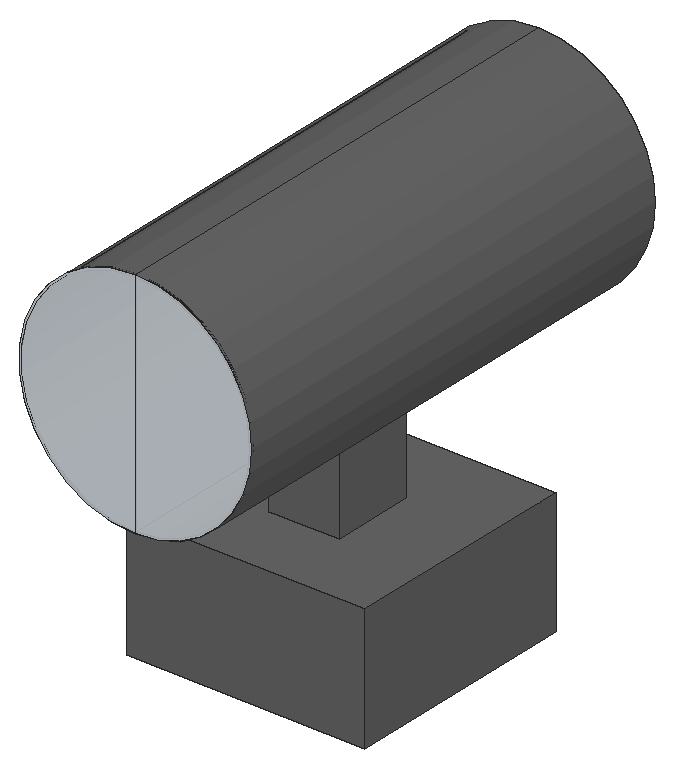
Revit family "LTC-4RDW-W", category Lighting Fixtures, host Face, Revit 2017
Family settings
  Host = Face
  Round Connector Dimension = Use Diameter
  Part Type = Normal
  OmniClass Number = 23.80.70.11.14.11
  OmniClass Title = Downlights
  Cut with Voids When Loaded = No
  Light Source = Yes
  Shared = No
  Room Calculation Point = No
Parameters (values of type "LTC-4RDW-WCC")
  Wattage Comments = ""
  Wattage = 70 W
  Warranty = "• 5 year warranty\r\n• See HLI Standard Warranty for\r\nadditional information"  # constant formula
  built-in parameter 1150110 = 1 (stored number, unit not read)
  Voltage = 120 V
  built-in parameter 1114217 = 1 (stored number, unit not read)
  Tilt Angle = -90.00°  # constant formula
  built-in parameter 1150109 = 1 (stored number, unit not read)
  built-in parameter 1150134 = 3
  built-in parameter 1150113 = 1 (stored number, unit not read)
  Photometric Web File = "LTC-4RD-P-06L35K8MD-DM1-S-BL.ies"
  Features = "• 4inch architectural LED downlight and wall wash cylinder delivering 600–1500 lm \r\n• 4 beam distributions from 0.4 to 1.2 Spacing Criteria \r\n• Quiet reflector appearance with 50º optical cutoff\r\n • SpectraSync™ Color Tuning technology allows the flexibility to tailor CCT to aesthetic preferences • Available in Dim To Warm (2200K-3000K) or Tunable White (2700K-5000K or 2700K-6500K), 90+ CRI \r\n• Available in Surface, Wall, Pendant, or Cable/Cord Mount configurations\r\n• Versatile canopy options for recessed and surface-mounted J-box applications \r\n• Standard with 0-10V dimming to 5%\r\n"  # constant formula
  built-in parameter 1150105 = 389.93 (stored number, unit not read)
  Lumens = 4900 lm
  built-in parameter 1150115 = 1 (stored number, unit not read)
  built-in parameter 1150137 = (empty or 0)
  built-in parameter 1150139 = (empty or 0)
  built-in parameter 1150112 = 1 (stored number, unit not read)
  built-in parameter 1150114 = 1 (stored number, unit not read)
  built-in parameter 1150132 = (empty or 0)
  built-in parameter 1150102 = (empty or 0)
  built-in parameter 1150107 = 3200 (stored number, unit not read)
  built-in parameter 1150138 = (empty or 0)
  built-in parameter 1150106 = 3.8993 (stored number, unit not read)
  Emit from Circle Diameter = 5.600"  # constant formula
  Emit Shape Visible in Rendering = no
  built-in parameter 1150104 = 6.5032 (stored number, unit not read)
  Dimming Lamp Color Temperature Shift = <None>
  Copyright = "© 2021 Prescolite, a division of Hubbell Lighting, Inc"  # constant formula
  Contact us = "https://www.hubbell.com/prescolite/en/contactUs"
  Color Filter = 16777215
  Certifications = "• cCSAus certified to UL 1598\r\n• Wall Mount: Suitable for wet locations\r\n• Surface & Pendant Mount: Suitable for wet\r\nlocations under covered ceiling\r\n• Cord Mount and all Wall Wash: Suitable for\r\ndamp locations"  # constant formula
  Center Point Distance = 7.870"
  Canopy height = 3.000"
  Canopy Width = 5.740"
  built-in parameter 1114218 = 1 (stored number, unit not read)
  Ballast = Paint - Hubbell - Carbon Black
  URL = "https://www.hubbell.com/prescolite/en"
  Product Page URL = "https://www.hubbell.com/prescolite/en/Products/Lighting-Controls/Commercial-Indoor-Lighting/Cylinders/LITEISTRY-4-Round-Cylinder-wSpectraSync/p/3775859"
  Product Documentation Link = "https://hubbellcdn.com/specsheet/LTC-4RDW%20SpectraSync.pdf"
  Model = "LTC-4RDW"  # constant formula
  Manufacturer = "Prescolite"  # constant formula
  Lamp = "LED Lamp"
  Reflector = Glass - Hubbell - Glass
  Description = "LITEISTRY™ 4inch Round Cylinder with color tuning"  # constant formula
  Default Elevation = 48.000"
  Backbox = Hubbell - Matt Black
  built-in parameter 1150133 = 10 (stored number, unit not read)
  Apparent Load = 72 VA  # constant formula
Types (3): name | Center Point Distance | Canopy height | Canopy Width
  (no name) | 7.870" | 3.000" | 5.740"
  LTC-4RDW-W | 5.620" | 0.500" | 4.500"
  LTC-4RDW-WCC | 7.870" | 3.000" | 5.740"
Reference planes (in)
  plane 1 "Center (Front/Back)": y = 0
  plane 2: z = 0
  plane 3 "Center (Left/Right)": x = 0
  plane 4: x = -1
  plane 5: y = 1
  plane 6: x = 1
  plane 7: y = -1
  plane 8: y = 7
  plane 9: y = -7
  plane 10: y = -2.87
  plane 11: y = 2.87
  plane 12: z = 3
  plane 13: x = -2.87
  plane 14: x = 2.87
  plane 15: z = 7.87
Forms (in)
  Extrusion 1, solid, material "Hubbell - Matt Black" <- "Backbox"
    sketch origin (0, -0.0241, 1.00792) x (0, 1, 0) y (0, 0, 1)
      loop
        line (2.8941, -1.00792) -> (2.8941, 1.99208) -> (-2.8459, 1.99208) -> (-2.8459, -1.00792) -> (2.8941, -1.00792)
    from -2.87 to 2.87
  Revolve 2, solid, material "Paint - Hubbell - Carbon Black" <- "Ballast"
    sketch origin (0, 2.2259, 0) x (0, 1, 0) y (0, 0, 1)
      loop
        line (3.60107, 7.87) -> (3.72607, 7.87) -> (3.72607, 10.67) -> (-8.39893, 10.67) -> (-8.39893, 10.62078) -> (3.60107, 10.62078) -> (3.60107, 7.87)
      axis (-8.39893, 7.87) -> (3.72607, 7.87)
    angle from 0 to 360
  Revolve 3, solid, material "Glass - Hubbell - Glass" <- "Reflector"
    sketch origin (0, -0.0241, 0) x (0, 1, 0) y (0, 0, 1)
      loop
        line (-6.10805, 7.87) -> (-6.10805, 10.67) -> (-6.16068, 10.67) -> (-6.16068, 7.87) -> (-6.10805, 7.87)
      axis (-6.10805, 7.87) -> (-6.16068, 7.87)
    angle from 0 to 360
  Extrusion 4, solid, material "Paint - Hubbell - Carbon Black" <- "Ballast"
    sketch origin (0, -0.0241, 0) x (0, 1, 0) y (0, 0, 1)
      loop
        line (0.97237, 3) -> (0.97237, 7.87) -> (-1.03763, 7.87) -> (-1.03763, 3) -> (0.97237, 3)
    from -0.88539 to 0.81657
Dimensions and locks (in)
  plane 4 to plane 3 "Center (Left/Right)" to plane 6 = 1.000" locked, 1.000" locked
  plane 5 to plane 1 "Center (Front/Back)" to plane 7 = 1.000" locked, 1.000" locked
  locked: Extrusion 4 sketch curve to Extrusion 4 sketch curve at 2.01
  "Canopy Width": plane 11 to plane 10
  equal spacing: plane 11, plane 1 "Center (Front/Back)", plane 10
  "Canopy height": plane 12 to plane 2
  equal spacing: plane 14, plane 3 "Center (Left/Right)", plane 13
  "Canopy Width": plane 14 to plane 13
  locked: plane 15 to Revolve 2 sketch curve at 2.8
  locked: Revolve 2 sketch curve to Revolve 2 sketch curve at 0.04922
  "Center Point Distance": plane 15 to plane 2
  locked: Revolve 3 sketch curve to plane 15 at 2.8
  aligned and locked: plane 2 to host face
  aligned and locked: plane 3 "Center (Left/Right)" to imposter light
  aligned and locked: Extrusion 1 to plane 11
  aligned and locked: plane 10 to Extrusion 1
  aligned and locked: plane 12 to Extrusion 1
  aligned and locked: Extrusion 1 to plane 13
  aligned and locked: plane 14 to Extrusion 1
  aligned and locked: plane 15 to Revolve 2 sketch curve  (x2)
  aligned and locked: plane 15 to Extrusion 4
  aligned and locked: Extrusion 4 to plane 12
  aligned and locked: Revolve 3 sketch curve to plane 15
  aligned and locked: plane 15 to Revolve 3 sketch curve
  aligned and locked: plane 15 to imposter light
Automatic sketch dimensions
  host sketch curve to host sketch curve = 96.000"  (x2)
  Extrusion 1 sketch curve to level = 0.000"
  plane 10 to Extrusion 1 sketch curve = 0.000"
  plane 11 to Extrusion 1 sketch curve = 0.000"
  level to Extrusion 1 sketch curve = 3.000"
  Revolve 2 sketch curve to plane 9 = 0.82697"
  plane 8 to Revolve 2 sketch curve = 1.17303"
  Revolve 2 sketch curve to Revolve 2 sketch curve = 0.125"
  Revolve 2 sketch curve to plane 11 = 1.07697"
  Revolve 2 sketch curve to plane 8 = 13.32697"
  Revolve 3 sketch curve to plane 9 = 0.81522"
  Revolve 3 sketch curve to Revolve 3 sketch curve = 0.05263"
  plane 9 to Revolve 3 sketch curve = 0.63215"
  Revolve 3 sketch curve to Revolve 3 sketch curve = 0.000"
  Extrusion 4 sketch curve to plane 7 = 0.06173"
  level to Extrusion 4 sketch curve = 3.000"
  plane 12 to Extrusion 4 sketch curve = 4.870"
Connectors (in)
  electrical at (0, 0, 0), driven by "Description", driven by "Voltage", driven by "Apparent Load"
    settings: index 1, voltage 120 V, apparent load 72 VA, apparent load phase1 0 VA, apparent load phase2 0 VA, apparent load phase3 0 VA, power factor 1, load classification "Other", number of poles 1, system type 30, power factor state 1, is connector primary yes, connector utility no, sub classification motor no, connector description "LITEISTRY™ 4inch Round Cylinder with color tuning"
